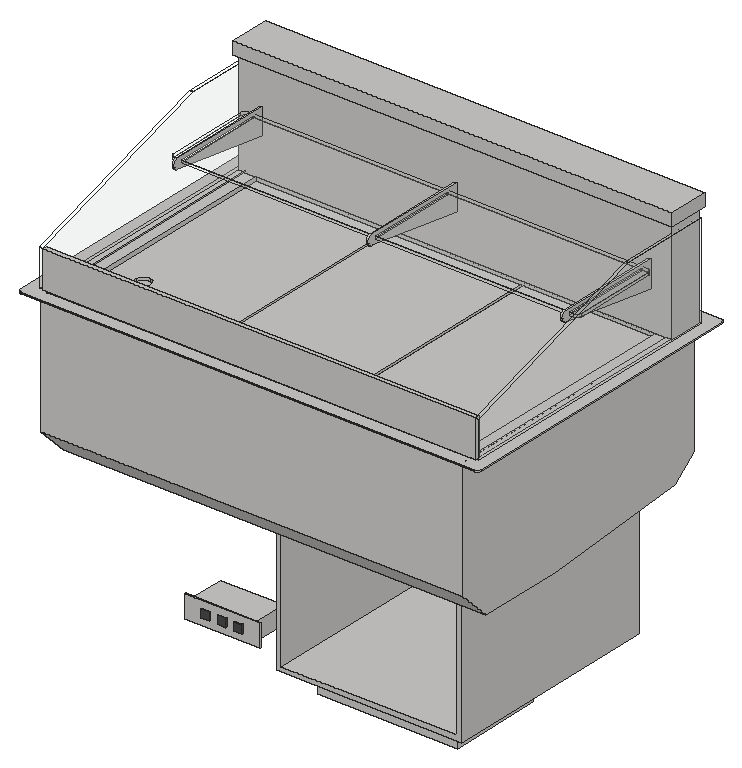
Revit family "QF_ELECTROLUXPROFESSIONAL_341051_D13C3", category Specialty Equipment, Revit 2018
Family settings
  Round Connector Dimension = Use Diameter
  Part Type = Normal
  Work Plane-Based = No
  Always vertical = Yes
  Cut with Voids When Loaded = No
  Shared = No
  Room Calculation Point = No
Parameters (values of type "Standard")
  Weight = 87.00 kg
  Watts = 0 W
  Volts = 220 V
  URL Manufacturer = "http://professional.electrolux.com"
  URL = "http://professional.electrolux.com"
  Steam Supply Size = 0 mm
  Steam Supply Minimum Pressure = 0.0 Pa
  Steam Supply Maximum Pressure = 0.0 Pa
  Steam Pounds per Hour = 0
  Show Clearance [instance] = yes
  Remote Electrical Box_Z [instance] = 200.00 mm
  Remote Electrical Box_Y [instance] = 500.00 mm
  Remote Electrical Box_X [instance] = 700.00 mm
  Refrigeration Suction Line Size = 0 mm
  Refrigeration Liquid Line Size = 0 mm
  Refrigerant Compressor Remote = yes
  Manufacturer = "Electrolux Professional"
  Phase = 1
  Model = "D13C3"
  Length Actual = 1120.00 mm  # constant formula
  Item Number = "341051"
  Hot Water Size = 0 mm
  Height Actual = 950.00 mm  # constant formula
  HP = "0 HP"
  Gas Size = 0 mm
  Gas KW = 0
  Gas Input Pressure = 0 W
  Direct Waste Size = 25.4 mm
  Description = "DROP-IN REFRIGERATED WELL, VENTILATED, 1 REF. SHELF AND 1 NEUTRAL SHELF, 3GN"
  Depth Actual = 750.00 mm  # constant formula
  Cycle = 50 Hz
  Controller_Y [instance] = 500.00 mm
  Controller_1Z [instance] = 200.00 mm
  Controller_1X [instance] = 300.00 mm
  Condensate Return Size = 0 mm
  Compressed Air Volume = 0.0 L/s
  Compressed Air Size = 0 mm
  Compressed Air Pressure = 0.0 Pa
  Cold Water Size = 0 mm
  Accessory = yes
Types (2, lengths in mm): name | Volts | URL Manufacturer | URL | Manufacturer | Phase | Model | Item Number | Description | Cycle
  341051.rfa | 0 V | "" | 0.00 | 0.00 | 0 | 0.00 | "" | 0.00 | 0 Hz
  Standard | 220 V | "http://professional.electrolux.com" | "http://professional.electrolux.com" | "Electrolux Professional" | 1 | "D13C3" | "341051" | "DROP-IN REFRIGERATED WELL, VENTILATED, 1 REF. SHELF AND 1 NEUTRAL SHELF, 3GN" | 50 Hz
Reference planes
  plane 1 "Centro (Fronte/Retro)": y = 74.737
  plane 2: z = 0
  plane 3 "BACK": y = 449.737
  plane 4 "FRONT": y = -300.263
  plane 5 "RIGHT": x = 45.731
  plane 6 "LEFT": x = -1074.269
  plane 7: x = -514.269
  plane 8 "TOP": z = 900
  plane 9: y = 417.737
  plane 10: y = -268.263
  plane 11: x = -28.269
  plane 12: x = -1000.269
  plane 13: y = 412.237
  plane 14: y = -269.483
  plane 15: x = -1048.269
  plane 16: x = 19.731
  plane 17: z = 898
  plane 18: x = -529.269
  plane 19: x = -79.269
  plane 20: x = -517.269
  plane 21: x = -91.269
  plane 22: x = -517.269
  plane 23: x = -511.269
  plane 24: x = -1040.269
  plane 25: x = 11.731
  plane 26: y = -229.763
  plane 27: y = 404.237
  plane 28: z = 535.31
  plane 29: z = 220
  plane 30: z = 1041
  plane 31: z = 1049
  plane 32: y = 308.954
  plane 33: y = 83.954
  plane 34: x = -1010.269
  plane 35: x = -18.269
  plane 36: x = -988.269
  plane 37: x = -984.269
  plane 38: x = -44.269
  plane 39: x = -40.269
  plane 40: x = -516.269
  plane 41: x = -512.269
  plane 42: x = -516.269
  plane 43: x = -512.269
  plane 44 "1": y = -109.263
  plane 45: y = -195.263
  plane 46: y = 344.737
  plane 47: x = -774.269
  plane 48: x = -374.269
  plane 49: y = -50.263
  plane 50: y = -50.263
  plane 51: z = 200
  plane 52: z = 200
Forms (mm)
  Extrusion 1, solid, material "QF_Finishes_Stainless Steel"
    sketch origin (0, 0, 900) x (-1, 0, 0) y (0, -1, 0)
      loop
        arc (1064.269, -449.737) -> (1071.34, -446.808) -> (1074.269, -439.737) r 10
        line (1074.269, -439.737) -> (1074.269, 290.263)
        arc (1074.269, 290.263) -> (1071.34, 297.334) -> (1064.269, 300.263) r 10
        line (1064.269, 300.263) -> (-35.731, 300.263)
        arc (-35.731, 300.263) -> (-42.802, 297.334) -> (-45.731, 290.263) r 10
        line (-45.731, 290.263) -> (-45.731, -439.737)
        arc (-45.731, -439.737) -> (-42.802, -446.808) -> (-35.731, -449.737) r 10
        line (-35.731, -449.737) -> (1064.269, -449.737)
      loop
        line (1027.769, -412.237) -> (1027.769, 269.483) -> (0.769, 269.483) -> (0.769, -412.237) -> (1027.769, -412.237)
    from 0 to -2
  Extrusion 2, solid, material "QF_Finishes_Stainless Steel"
    sketch origin (232.311, 802.737, -30) x (0, -1, 0) y (0, 0, -1)
      loop
        line (588.53, -262) -> (468.413, -262) -> (468.413, -542.28) -> (588.53, -542.28) -> (588.53, -262)
    from -749.58 to -323.58
  Extrusion 3, solid, material "QF_Finishes_Stainless Steel"
    sketch origin (244.231, 362.737, 0) x (0, -1, 0) y (0, 0, -1)
      loop
        line (650.5, -605.13) -> (580.68, -535.31) -> (371.981, -535.31) -> (6.32, -567.301) -> (-49.5, -614.14) -> (-49.5, -898) -> (650.5, -898) -> (650.5, -605.13)
    from -1272 to -245
  Extrusion 4, solid, material "QF_Finishes_Stainless Steel"
    sketch origin (231.731, 362.737, 0) x (0, -1, 0) y (0, 0, -1)
      loop
        line (-48.737, -1150.8) -> (32.063, -1150.8) -> (32.063, -898) -> (-48.737, -898) -> (-48.737, -1150.8)
    from -1272 to -220
  Extrusion 5, void
    sketch origin (0, 0, 900) x (-1, 0, 0) y (0, -1, 0)
      loop
        line (1000.269, 205.526) -> (28.269, 205.526) -> (28.269, -330.674) -> (1000.269, -330.674) -> (1000.269, 205.526)
    from 0 to -15
  Extrusion 6, void
    sketch origin (-226.808, -439.547, 900) x (-1, 0, 0) y (0, -1, 0)
      loop
        circle (694.691, -330.284) r 18
    from -15 to -10
  Extrusion 7, solid, material "QF_Finishes_Stainless Steel"
    sketch origin (231.731, 362.737, 0) x (0, -1, 0) y (0, 0, -1)
      loop
        line (41.663, -1182.8) -> (41.663, -1150.8) -> (-58.337, -1150.8) -> (-58.337, -1182.8) -> (41.663, -1182.8)
    from -1280 to -212
  Extrusion 8, solid, material "QF_Finishes_Glass"
    sketch origin (231.731, 362.737, 0) x (0, -1, 0) y (0, 0, -1)
      loop
        line (628.263, -989.8) -> (628.263, -900) -> (-48.737, -900) -> (-48.737, -1130.8) -> (171.263, -1130.8) -> (628.263, -989.8)
    from -212 to -220
  Extrusion 9, solid, material "QF_Finishes_Glass"
    sketch origin (-1260.269, 362.737, 0) x (0, -1, 0) y (0, 0, 1)
      loop
        line (628.263, 989.8) -> (171.263, 1130.8) -> (-48.737, 1130.8) -> (-48.737, 900) -> (628.263, 900) -> (628.263, 989.8)
    from -212 to -220
  Extrusion 10, solid, material "QF_Finishes_Stainless Steel"
    sketch origin (231.731, 362.737, 0) x (0, -1, 0) y (0, 0, -1)
      loop
        line (628.263, -900) -> (618.263, -900) -> (618.263, -989.8) -> (628.263, -989.8) -> (628.263, -900)
    from -1272 to -220
  Extrusion 11, solid, material "QF_Finishes_Stainless Steel"
    sketch origin (231.731, 362.737, 0) x (0, -1, 0) y (0, 0, -1)
      loop
        line (32.063, -1057) -> (288, -1057)
        arc (288, -1057) -> (300, -1045) -> (288, -1033) r 12
        line (288, -1033) -> (32.063, -992.464) -> (32.063, -1057)
      loop
        line (278.825, -1049) -> (278.825, -1041) -> (53.8, -1041) -> (53.8, -1049) -> (278.825, -1049)
    from -276 to -272
  Extrusion 12, solid, material "QF_Finishes_Stainless Steel"
    sketch origin (-392.269, 362.737, 0) x (0, -1, 0) y (0, 0, -1)
      loop
        line (32.063, -1057) -> (288, -1057)
        arc (288, -1057) -> (300, -1045) -> (288, -1033) r 12
        line (288, -1033) -> (32.063, -992.464) -> (32.063, -1057)
      loop
        line (278.825, -1049) -> (278.825, -1041) -> (53.8, -1041) -> (53.8, -1049) -> (278.825, -1049)
    from -596 to -592
  Extrusion 13, solid, material "QF_Finishes_Glass"
    sketch origin (0, 0, 0) x (-1, 0, 0) y (0, -1, 0)
      loop
        line (1010.269, -298.965) -> (1010.269, -93.97)
        arc (1010.269, -93.97) -> (1007.323, -86.858) -> (1000.21, -83.912) r 10.058
        line (1000.21, -83.912) -> (28.269, -83.954)
        arc (28.269, -83.954) -> (21.198, -86.883) -> (18.269, -93.954) r 10
        line (18.269, -93.954) -> (18.269, -298.954)
        arc (18.269, -298.954) -> (20.997, -305.819) -> (27.694, -308.938) r 10
        line (27.694, -308.938) -> (1000.296, -308.938)
        arc (1000.296, -308.938) -> (1007.348, -306.017) -> (1010.269, -298.965) r 9.972
    from 1041 to 1049
  Extrusion 14, solid, material "QF_Finishes_Stainless Steel"
    sketch origin (79.731, 362.737, 0) x (0, -1, 0) y (0, 0, -1)
      loop
        line (32.063, -1057) -> (288, -1057)
        arc (288, -1057) -> (300, -1045) -> (288, -1033) r 12
        line (288, -1033) -> (32.063, -992.464) -> (32.063, -1057)
      loop
        line (278.825, -1049) -> (278.825, -1041) -> (53.8, -1041) -> (53.8, -1049) -> (278.825, -1049)
    from -596 to -592
  Extrusion 15, solid, material "QF_Finishes_Stainless Steel"
    sketch origin (0, -25.263, 900) x (-1, 0, 0) y (0, -1, 0)
      loop
        line (681.489, -354.737) -> (1000.269, -354.737) -> (1000.269, 180.263) -> (681.489, 180.263) -> (681.489, -354.737)
    from -15 to -10
  Extrusion 16, solid, material "QF_Finishes_Stainless Steel"
    sketch origin (-1251.802, -25.263, 900) x (1, 0, 0) y (0, 1, 0)
      loop
        line (903.534, 354.737) -> (903.534, -180.263) -> (1223.534, -180.263) -> (1223.534, 354.737) -> (903.534, 354.737)
    from -15 to -10
  Extrusion 17, solid, material "QF_Finishes_Stainless Steel"
    sketch origin (129.858, -25.263, 900) x (-1, 0, 0) y (0, -1, 0)
      loop
        line (485.347, -354.737) -> (805.347, -354.737) -> (805.347, 180.263) -> (485.347, 180.263) -> (485.347, -354.737)
    from -15 to -10
  Sweep 18, solid, material "QF_Finishes_Stainless Steel"
    path origin (0, -109.263, 0) x (-1, 0, 0) y (0, 0, 1)
      loop
        line (921.499, 535.31) -> (921.499, 505) -> (978.269, 505)
    profile origin (-921.499, -109.263, 520.155) x (0, 1, 0) y (-1, 0, 0)
      loop
        circle (0, 0) r 18
  Extrusion 19, solid, material "QF_Finishes_Stainless Steel"
    sketch origin (0, 74.737, 0) x (1, 0, 0) y (0, 0, 1)
      loop
        line (-79.269, 535.31) -> (-91.269, 535.31) -> (-91.269, 232) -> (-517.269, 232) -> (-517.269, 535.31) -> (-529.269, 535.31) -> (-529.269, 220) -> (-79.269, 220) -> (-79.269, 535.31)
    from -270 to 270
Cuts and joins
  Extrusion 5 cuts Extrusion 4
  Extrusion 5 cuts Extrusion 3
  Extrusion 6 cuts Extrusion 16
  Extrusion 6 cuts Extrusion 15
Lines and regions (mm)
  symbolic lines
    curve 1: line (35.731, 449.737, 900) -> (-1064.269, 449.737, 900)
    curve 2: arc (-1064.269, 449.737, 900) -> (-1071.34, 446.808, 900) -> (-1074.269, 439.737, 900) r 10
    curve 3: line (-1074.269, 439.737, 900) -> (-1074.269, -290.263, 900)
    curve 4: arc (-1074.269, -290.263, 900) -> (-1071.34, -297.334, 900) -> (-1064.269, -300.263, 900) r 10
    curve 5: line (-1064.269, -300.263, 900) -> (35.731, -300.263, 900)
    curve 6: arc (35.731, -300.263, 900) -> (42.802, -297.334, 900) -> (45.731, -290.263, 900) r 10
    curve 7: line (45.731, -290.263, 900) -> (45.731, 439.737, 900)
    curve 8: arc (45.731, 439.737, 900) -> (42.802, 446.808, 900) -> (35.731, 449.737, 900) r 10
    curve 9: line (19.731, 421.074, 900) -> (19.731, -269.483, 900)
    curve 10: line (19.731, -269.483, 900) -> (-1048.269, -269.483, 900)
    curve 11: line (-1048.269, -269.483, 900) -> (-1048.269, 421.074, 900)
    curve 12: line (19.731, 421.074, 900) -> (-1048.269, 421.074, 900)
    curve 13: line (-1048.269, 321.074, 900) -> (19.731, 321.074, 900)
    curve 14: line (11.731, -205.526, 900) -> (-1040.269, -205.526, 900)
    curve 15: line (11.731, -255.526, 900) -> (-1040.269, -255.526, 900)
    curve 16: line (-1048.269, -265.526, 900) -> (19.731, -265.526, 900)
    curve 17: line (-681.489, -205.526, 900) -> (-681.489, 84.474, 900)
    curve 18: line (-675.489, 84.474, 900) -> (-675.489, -205.526, 900)
    curve 19: line (-1040.269, 321.074, 900) -> (-1040.269, -265.526, 900)
    curve 20: line (11.731, -265.526, 900) -> (11.731, 321.074, 900)
    curve 21: line (-988.269, 321.074, 900) -> (-988.269, 62.737, 900)
    curve 22: line (-984.269, 321.074, 900) -> (-984.269, 62.737, 900)
    curve 23: line (-988.269, 62.737, 900) -> (-984.269, 62.737, 900)
    curve 24: line (-44.269, 321.074, 900) -> (-44.269, 62.737, 900)
    curve 25: line (-44.269, 62.737, 900) -> (-40.269, 62.737, 900)
    curve 26: line (-40.269, 62.737, 900) -> (-40.269, 321.074, 900)
    curve 27: line (-44.269, 308.938, 900) -> (-512.269, 308.938, 900)
    curve 28: line (-516.269, 321.074, 900) -> (-516.269, 62.737, 900)
    curve 29: line (-512.269, 321.074, 900) -> (-512.269, 62.737, 900)
    curve 30: line (-516.269, 62.737, 900) -> (-512.269, 62.737, 900)
    curve 31: line (-516.269, 321.074, 900) -> (-516.269, 62.737, 900)
    curve 32: line (-512.269, 321.074, 900) -> (-512.269, 62.737, 900)
    curve 33: line (-516.269, 62.737, 900) -> (-512.269, 62.737, 900)
    curve 34: line (-1010.269, 298.965, 900) -> (-1010.269, 93.97, 900)
    curve 35: arc (-1000.296, 308.938, 900) -> (-1007.348, 306.017, 900) -> (-1010.269, 298.965, 900) r 9.972
    curve 36: arc (-1010.269, 93.97, 900) -> (-1007.343, 86.879, 900) -> (-1000.269, 83.912, 900) r 10.058
    curve 37: arc (-28.269, 83.954, 900) -> (-21.198, 86.883, 900) -> (-18.269, 93.954, 900) r 10
    curve 38: line (-18.269, 93.954, 900) -> (-18.269, 298.954, 900)
    curve 39: arc (-18.269, 298.954, 900) -> (-21.198, 306.025, 900) -> (-28.269, 308.954, 900) r 10
    curve 40: line (-1000.269, -205.526, 900) -> (-1000.269, 83.912, 900)
    curve 41: line (-1000.296, 308.938, 900) -> (-1000.296, 321.074, 900)
    curve 42: line (-28.269, -205.526, 900) -> (-28.269, 83.954, 900)
    curve 43: line (-28.269, 308.954, 900) -> (-28.269, 321.074, 900)
    curve 44: line (-1000.269, 83.912, 900) -> (-988.269, 83.912, 900)
    curve 45: line (-984.269, 83.912, 900) -> (-516.269, 83.912, 900)
    curve 46: line (-512.269, 83.912, 900) -> (-44.269, 83.912, 900)
    curve 47: line (-40.269, 83.912, 900) -> (-28.269, 83.954, 900)
    curve 48: line (-516.269, 308.938, 900) -> (-984.269, 308.938, 900)
    curve 49: line (-355.489, -205.526, 900) -> (-355.489, 84.474, 900)
    curve 50: line (-348.269, 84.474, 900) -> (-348.269, -205.526, 900)
    curve 51: line (-988.269, 308.938, 900) -> (-1000.296, 308.938, 900)
    curve 52: line (-40.269, 308.938, 900) -> (-28.269, 308.938, 900)
    curve 53: line (-131.004, 308.938, 900) -> (-131.004, 321.074, 900)
    curve 54: line (-125.004, 308.938, 900) -> (-125.004, 321.074, 900)
    curve 55: line (-483.534, 321.074, 900) -> (-483.534, 308.938, 900)
    curve 56: line (-477.534, 321.074, 900) -> (-477.534, 308.938, 900)
    curve 65: arc (-903.499, -109.263, 900) -> (-921.499, -91.263, 900) -> (-939.499, -109.263, 900) r 18
    curve 66: arc (-939.499, -109.263, 900) -> (-921.499, -127.263, 900) -> (-903.499, -109.263, 900) r 18
  symbolic lines, style "SpecialityEquipmentHiddenLines"
    curve 57: line (-529.269, 344.737, 900) -> (-79.269, 344.737, 900)
    curve 58: line (-529.269, -195.263, 900) -> (-529.269, 344.737, 900)
    curve 59: line (-79.269, -195.263, 900) -> (-529.269, -195.263, 900)
    curve 60: line (-79.269, 344.737, 900) -> (-79.269, -195.263, 900)
    curve 61: line (-1027.769, 412.237, 900) -> (-1027.769, -287.763, 900)
    curve 62: line (-1027.769, -287.763, 900) -> (-0.769, -287.763, 900)
    curve 63: line (-0.769, -287.763, 900) -> (-0.769, 412.237, 900)
    curve 64: line (-0.769, 412.237, 900) -> (-1027.769, 412.237, 900)
Dimensions and locks
  plane 6 "LEFT" to plane 5 "RIGHT" = 1120.00 mm
  equal spacing: plane 3 "BACK", plane 1 "Centro (Fronte/Retro)", plane 4 "FRONT"
  plane 3 "BACK" to plane 4 "FRONT" = 750.00 mm
  equal spacing: plane 6 "LEFT", plane 7, plane 5 "RIGHT"
  locked: plane 8 "TOP" to plane 2 at 900
  locked: plane 6 "LEFT" to plane 12 at 74
  locked: plane 11 to plane 5 "RIGHT" at 74
  locked: plane 3 "BACK" to plane 9 at 32
  locked: plane 10 to plane 4 "FRONT" at 32
  locked: plane 3 "BACK" to plane 13 at 37.5
  locked: plane 14 to plane 4 "FRONT" at 30.78
  locked: plane 6 "LEFT" to plane 15 at 26
  locked: plane 16 to plane 5 "RIGHT" at 26
  locked: plane 8 "TOP" to plane 17 at 2
  plane 19 to plane 18 = 450.00 mm
  locked: plane 20 to plane 18 at 12
  locked: plane 19 to plane 21 at 12
  locked: plane 22 to plane 23 at 6
  locked: plane 15 to plane 24 at 8
  locked: plane 25 to plane 16 at 8
  plane 19 to plane 7 to plane 18 = 435.00 mm, 15.00 mm
  plane 8 "TOP" to plane 28 = 364.69 mm
  plane 8 "TOP" to plane 29 = 680.00 mm
  plane 30 to plane 8 "TOP" = 141.00 mm
  locked: plane 31 to plane 30 at 8
  plane 34 to plane 35 = 992.00 mm
  equal spacing: plane 34, plane 7, plane 35
  plane 24 to plane 34 = 30.00 mm
  plane 35 to plane 25 = 30.00 mm
  locked: plane 36 to plane 37 at 4
  locked: plane 40 to plane 41 at 4
  locked: plane 38 to plane 39 at 4
  locked: plane 42 to plane 43 at 4
  plane 5 "RIGHT" to plane 19 to plane 18 = 125.00 mm, 450.00 mm
  equal spacing: plane 45, plane 1 "Centro (Fronte/Retro)", plane 46
  plane 45 to plane 46 = 540.00 mm
  cut or joined group of Extrusion 3, Extrusion 5 to cut or joined group of Extrusion 3, Extrusion 5 = 1027.00 mm
  "Controller_Y": plane 3 "BACK" to plane 50
  "Remote Electrical Box_Y": plane 3 "BACK" to plane 49
  "Controller_1X": plane 6 "LEFT" to plane 47
  "Remote Electrical Box_X": plane 6 "LEFT" to plane 48
  "Controller_1Z": plane 51 to plane 2
  "Remote Electrical Box_Z": plane 52 to plane 2
  aligned and locked: level to plane 2
  aligned and locked: Extrusion 1 sketch curve to plane 3 "BACK"
  aligned and locked: plane 6 "LEFT" to Extrusion 1 sketch curve
  aligned and locked: plane 4 "FRONT" to Extrusion 1 sketch curve
  aligned and locked: Extrusion 1 sketch curve to plane 5 "RIGHT"
  aligned and locked: Extrusion 1 sketch curve to plane 13
  aligned and locked: Extrusion 1 sketch curve to plane 14
  aligned and locked: Extrusion 2 to plane 20
  aligned and locked: Extrusion 2 to plane 21
  aligned and locked: Extrusion 5 sketch curve to cut or joined group of Extrusion 4, Extrusion 5
  aligned and locked: Extrusion 8 to plane 25
  aligned and locked: Extrusion 5 sketch curve to plane 12
  aligned and locked: plane 11 to Extrusion 5 sketch curve
  aligned and locked: plane 24 to Extrusion 9
  aligned and locked: Extrusion 4 to plane 24
  aligned and locked: plane 25 to Extrusion 4
  aligned and locked: Extrusion 10 to plane 24
  aligned and locked: plane 25 to Extrusion 10
  aligned and locked: Extrusion 13 sketch curve to plane 34
  aligned and locked: Extrusion 13 sketch curve to plane 35
  aligned and locked: plane 31 to Extrusion 13
  aligned and locked: Extrusion 13 to plane 30
  aligned and locked: Extrusion 12 to plane 36
  aligned and locked: plane 39 to Extrusion 11
  aligned and locked: Extrusion 11 to plane 38
  aligned and locked: plane 37 to Extrusion 12
  aligned and locked: Extrusion 14 to plane 42
  aligned and locked: plane 43 to Extrusion 14
  aligned and locked: plane 47 to nested 1
  aligned and locked: plane 48 to nested 2
  aligned and locked: plane 49 to nested 2
  aligned and locked: plane 50 to nested 1
  aligned and locked: plane 52 to nested 2
  aligned and locked: nested 1 to plane 51
Automatic sketch dimensions
  Extrusion 1 sketch curve to plane 5 "RIGHT" = 10.00 mm
  Extrusion 1 sketch curve to plane 3 "BACK" = 10.00 mm  (x2)
  Extrusion 1 sketch curve to Extrusion 1 sketch curve = 10.00 mm
  Extrusion 6 sketch curve to plane 5 "RIGHT" = 967.23 mm
  plane 26 to Extrusion 6 sketch curve = 120.50 mm
  Extrusion 13 sketch curve to plane 11 = 0.00 mm  (x2)
  plane 33 to Extrusion 13 sketch curve = 0.00 mm
  Extrusion 13 sketch curve to plane 32 = 0.017 mm
  plane 11 to Extrusion 13 sketch curve = 0.574 mm
  plane 12 to Extrusion 13 sketch curve = 0.058 mm  (x2)
  Extrusion 13 sketch curve to plane 12 = 0.028 mm
  plane 33 to Extrusion 13 sketch curve = 10.016 mm
  plane 29 to Extrusion 2 sketch curve = 12.00 mm
  plane 26 to Extrusion 2 sketch curve = 564.087 mm
  plane 26 to Extrusion 2 sketch curve = 443.97 mm
  Extrusion 2 sketch curve to plane 28 = 23.03 mm
  Extrusion 3 sketch curve to plane 28 = 0.00 mm
  plane 13 to Extrusion 3 sketch curve = 0.00 mm
  plane 32 to Extrusion 3 sketch curve = 47.463 mm
  plane 1 "Centro (Fronte/Retro)" to Extrusion 3 sketch curve = 83.981 mm
  plane 26 to Extrusion 3 sketch curve = 11.82 mm
  plane 4 "FRONT" to Extrusion 3 sketch curve = 12.50 mm
  plane 28 to Extrusion 3 sketch curve = 78.83 mm
  plane 28 to Extrusion 3 sketch curve = 69.82 mm
  plane 28 to Extrusion 3 sketch curve = 31.991 mm
  Extrusion 4 sketch curve to plane 17 = 0.00 mm
  Extrusion 4 sketch curve to plane 13 = 0.763 mm
  plane 32 to Extrusion 4 sketch curve = 21.72 mm
  plane 31 to Extrusion 4 sketch curve = 101.80 mm
  plane 26 to Extrusion 5 sketch curve = 24.237 mm
  plane 9 to Extrusion 7 sketch curve = 3.337 mm
  plane 32 to Extrusion 7 sketch curve = 12.12 mm
  plane 31 to Extrusion 7 sketch curve = 133.80 mm
  Extrusion 7 sketch curve to Extrusion 7 sketch curve = 32.00 mm
  Extrusion 8 sketch curve to plane 8 "TOP" = 0.00 mm
  Extrusion 8 sketch curve to plane 13 = 0.763 mm
  plane 33 to Extrusion 8 sketch curve = 107.52 mm
  plane 10 to Extrusion 8 sketch curve = 2.737 mm
  Extrusion 8 sketch curve to plane 30 = 51.20 mm
  plane 31 to Extrusion 8 sketch curve = 81.80 mm
  Extrusion 9 sketch curve to plane 8 "TOP" = 0.00 mm
  Extrusion 9 sketch curve to plane 13 = 0.763 mm
  plane 33 to Extrusion 9 sketch curve = 107.52 mm
  plane 10 to Extrusion 9 sketch curve = 2.737 mm
  Extrusion 9 sketch curve to plane 30 = 51.20 mm
  plane 31 to Extrusion 9 sketch curve = 81.80 mm
  Extrusion 10 sketch curve to plane 8 "TOP" = 0.00 mm
  plane 10 to Extrusion 10 sketch curve = 12.737 mm
  plane 10 to Extrusion 10 sketch curve = 2.737 mm
  Extrusion 10 sketch curve to plane 30 = 51.20 mm
  Extrusion 11 sketch curve to plane 30 = 0.00 mm
  Extrusion 11 sketch curve to plane 31 = 0.00 mm
  Extrusion 11 sketch curve to plane 1 "Centro (Fronte/Retro)" = 0.00 mm
  Extrusion 11 sketch curve to plane 33 = 0.042 mm
  Extrusion 11 sketch curve to plane 32 = 0.017 mm
  plane 31 to Extrusion 11 sketch curve = 8.00 mm
  plane 32 to Extrusion 11 sketch curve = 21.72 mm
  plane 30 to Extrusion 11 sketch curve = 4.00 mm
  Extrusion 11 sketch curve to plane 30 = 48.536 mm
  Extrusion 12 sketch curve to plane 30 = 0.00 mm
  Extrusion 12 sketch curve to plane 31 = 0.00 mm
  Extrusion 12 sketch curve to plane 1 "Centro (Fronte/Retro)" = 0.00 mm
  Extrusion 12 sketch curve to plane 33 = 0.042 mm
  Extrusion 12 sketch curve to plane 32 = 0.017 mm
  plane 31 to Extrusion 12 sketch curve = 8.00 mm
  plane 32 to Extrusion 12 sketch curve = 21.72 mm
  plane 30 to Extrusion 12 sketch curve = 4.00 mm
  Extrusion 12 sketch curve to plane 30 = 48.536 mm
  Extrusion 14 sketch curve to plane 30 = 0.00 mm
  Extrusion 14 sketch curve to plane 31 = 0.00 mm
  Extrusion 14 sketch curve to plane 1 "Centro (Fronte/Retro)" = 0.00 mm
  Extrusion 14 sketch curve to plane 33 = 0.042 mm
  Extrusion 14 sketch curve to plane 32 = 0.017 mm
  plane 31 to Extrusion 14 sketch curve = 8.00 mm
  plane 32 to Extrusion 14 sketch curve = 21.72 mm
  plane 30 to Extrusion 14 sketch curve = 4.00 mm
  Extrusion 14 sketch curve to plane 30 = 48.536 mm
  Extrusion 15 sketch curve to plane 20 = 164.22 mm
  Extrusion 15 sketch curve to plane 12 = 0.00 mm
  plane 32 to Extrusion 15 sketch curve = 20.52 mm
  plane 26 to Extrusion 15 sketch curve = 24.237 mm
  Extrusion 16 sketch curve to plane 11 = 0.00 mm
  plane 21 to Extrusion 16 sketch curve = 257.00 mm
  Extrusion 16 sketch curve to plane 32 = 20.52 mm
  Extrusion 16 sketch curve to plane 26 = 24.237 mm
  Extrusion 17 sketch curve to plane 21 = 264.22 mm
  Extrusion 17 sketch curve to plane 20 = 158.22 mm
  plane 32 to Extrusion 17 sketch curve = 20.52 mm
  plane 26 to Extrusion 17 sketch curve = 24.237 mm
  Sweep 18 sketch curve to plane 28 = 0.00 mm
  plane 34 to Sweep 18 sketch curve = 32.00 mm
  plane 37 to Sweep 18 sketch curve = 62.77 mm
  Sweep 18 sketch curve to plane 28 = 30.31 mm
  Sweep 18 sketch curve to plane 44 "1" = 0.00 mm
  Sweep 18 sketch curve to profile plane = 0.00 mm
  Extrusion 19 sketch curve to plane 18 = 0.00 mm
  Extrusion 19 sketch curve to plane 20 = 0.00 mm
  Extrusion 19 sketch curve to plane 21 = 0.00 mm
  Extrusion 19 sketch curve to plane 19 = 0.00 mm
  Extrusion 19 sketch curve to plane 29 = 0.00 mm
  Extrusion 19 sketch curve to plane 28 = 0.00 mm  (x2)
  plane 29 to Extrusion 19 sketch curve = 12.00 mm
  Extrusion 3 sketch curve to plane 17 = 0.00 mm
  plane 15 to Extrusion 1 sketch curve = 20.50 mm
  Extrusion 1 sketch curve to plane 16 = 20.50 mm
  curve 6 to plane 5 "RIGHT" = 0.00 mm
  curve 1 to plane 3 "BACK" = 0.00 mm
  curve 6 to plane 4 "FRONT" = 0.00 mm
  curve 16 to plane 16 = 0.00 mm
  curve 14 to plane 25 = 0.00 mm
  curve 38 to plane 35 = 0.00 mm
  curve 43 to plane 11 = 0.00 mm
  curve 42 to plane 11 = 0.00 mm
  curve 52 to plane 11 = 0.00 mm
  curve 26 to plane 39 = 0.00 mm
  curve 60 to plane 19 = 0.00 mm
  curve 29 to plane 41 = 0.00 mm
  curve 33 to plane 40 = 0.00 mm
  curve 59 to plane 18 = 0.00 mm
  curve 23 to plane 36 = 0.00 mm
  curve 44 to plane 12 = 0.00 mm
  curve 34 to plane 34 = 0.00 mm
  curve 19 to plane 24 = 0.00 mm
  curve 12 to plane 15 = 0.00 mm
  curve 3 to plane 6 "LEFT" = 0.00 mm
  curve 60 to plane 46 = 0.00 mm
  plane 32 to curve 39 = 0.00 mm
  plane 33 to curve 42 = 0.00 mm
  curve 59 to plane 45 = 0.00 mm
  curve 11 to plane 14 = 0.00 mm
  curve 8 to plane 3 "BACK" = 10.00 mm
  plane 4 "FRONT" to curve 6 = 10.00 mm
  plane 13 to curve 63 = 0.00 mm
  curve 63 to plane 25 = 12.50 mm
  curve 24 to plane 38 = 0.00 mm
  plane 41 to curve 32 = 0.00 mm
  plane 37 to curve 22 = 0.00 mm
  plane 12 to curve 36 = 0.058 mm
  curve 35 to plane 12 = 0.028 mm
  plane 24 to curve 61 = 12.50 mm
  plane 6 "LEFT" to curve 5 = 10.00 mm
  plane 6 "LEFT" to curve 1 = 10.00 mm
  plane 9 to curve 12 = 3.337 mm
  curve 41 to plane 32 = 0.017 mm
  plane 33 to curve 36 = 10.016 mm
  plane 1 "Centro (Fronte/Retro)" to curve 33 = 12.00 mm
  plane 1 "Centro (Fronte/Retro)" to curve 26 = 12.00 mm
  plane 1 "Centro (Fronte/Retro)" to curve 23 = 12.00 mm
  plane 4 "FRONT" to curve 61 = 12.50 mm
  curve 54 to plane 32 = 0.017 mm
  curve 54 to plane 21 = 33.735 mm
  curve 54 to curve 53 = 6.00 mm
  plane 33 to curve 50 = 0.52 mm
  plane 23 to curve 50 = 163.00 mm
  plane 33 to curve 49 = 0.52 mm
  curve 50 to curve 49 = 7.22 mm
  curve 56 to plane 32 = 0.017 mm
  plane 23 to curve 56 = 33.735 mm
  curve 56 to curve 55 = 6.00 mm
  curve 18 to plane 45 = 10.263 mm
  curve 18 to plane 18 = 146.22 mm
  curve 18 to curve 17 = 6.00 mm
  plane 32 to curve 19 = 12.12 mm
  curve 52 to plane 32 = 0.017 mm
  plane 33 to curve 18 = 0.52 mm
  plane 33 to curve 17 = 0.52 mm
  curve 45 to plane 33 = 0.042 mm
  curve 46 to plane 33 = 0.042 mm
  curve 47 to plane 33 = 0.042 mm
  plane 10 to curve 15 = 12.737 mm
  plane 10 to curve 19 = 2.737 mm
  curve 65 to curve 66 = 0.00 mm  (x2)
  curve 65 to plane 44 "1" = 0.00 mm
  plane 37 to curve 66 = 62.77 mm
  curve 65 to curve 65 = 18.00 mm
  radius of Extrusion 6 sketch curve = 18.00 mm
  radius of Sweep 18 sketch curve = 18.00 mm
Nested families
  nested 1: "Controller" at (-774.269, -50.263, 200), type "Controller"
  nested 2: "Remote_Electrical_Box" at (-374.269, 64.737, 100), type "Remote_Electrical_Box"
  nested 3: "Refrigerator" at (-134.269, -110.263, 900), type "Refrigerator"
Connectors
  piping at (-978.269, -109.263, 505), diameter 36
    settings: on Sweep 18, index 1, connector inside diameter 609.6 mm, connector length 0.00 mm, flow factor 0, pipe flow 0.0 L/s, pressure drop 0.0 Pa, fitting loss kfactor 0, connector angle 0.00°, fixture units 0, engagement length 0.00 mm, angle of deflection 0.00°, flow configuration 1, flow direction 1, fitting loss method 0, system type 16, joint type 0, gender type 0, connector reference index -1, connector utility 0, adjustable connector no, is connector primary yes, connector description "Drain"
  electrical at (-504.269, -77.263, 149.381)
    settings: on nested 2, index 2, voltage 0 V, apparent load 0 VA, apparent load phase1 0 VA, apparent load phase2 0 VA, apparent load phase3 0 VA, power factor 1, load classification "Altro", number of poles 1, system type 14, power factor state 1, is connector primary yes, connector utility no, sub classification motor no, connector description ""
Definition of nested family "Controller"
  Reference planes
    plane 1 "Center (Front/Back)": y = 0
    plane 2: z = 0
    plane 3 "Center (Left/Right)": x = 0
  Forms (mm)
    Extrusion 1, solid
      sketch origin (0, 44.769, -48.2) x (1, 0, 0) y (0, 1, 0)
        loop
          line (-76, 43.231) -> (-76, -47.65) -> (76, -47.65) -> (76, 43.231) -> (-76, 43.231)
      from 6.2 to 48.2
    Extrusion 2, solid
      sketch origin (0, 44.769, -48.2) x (1, 0, 0) y (0, 0, 1)
        loop
          line (-92.25, 54.4) -> (-92.25, 0) -> (92.25, 0) -> (92.25, 54.4) -> (-92.25, 54.4)
        loop
          line (-76, 48.2) -> (-76, 6.2) -> (76, 6.2) -> (76, 48.2) -> (-76, 48.2)
      from 44.769 to 47.65
    Extrusion 3, solid
      sketch origin (76, -2.881, -48.2) x (-1, 0, 0) y (0, 0, -1)
        loop
          line (106, -37.2) -> (126, -37.2) -> (126, -17.2) -> (106, -17.2) -> (106, -37.2)
        loop
          line (66, -37.2) -> (86, -37.2) -> (86, -17.2) -> (66, -17.2) -> (66, -37.2)
        loop
          line (26, -37.2) -> (46, -37.2) -> (46, -17.2) -> (26, -17.2) -> (26, -37.2)
      from 0 to 2
    Extrusion 4, void
      sketch origin (0, 0, 0) x (1, 0, 0) y (0, 1, 0)
        loop
          line (76, 88) -> (-76, 88) -> (-76, 0) -> (76, 0) -> (76, 88)
      from 0 to -42
  Cuts and joins
    Extrusion 4 cuts Extrusion 2
    joined: Extrusion 1, Extrusion 2
  Lines and regions (mm)
    symbolic lines
      curve 1: line (-76, 88, 0) -> (-76, 0, 0)
      curve 2: line (76, 88, 0) -> (-76, 88, 0)
      curve 3: line (76, 0, 0) -> (76, 88, 0)
      curve 4: line (-92.25, -2.881, 0) -> (92.25, -2.881, 0)
      curve 5: line (-92.25, 0, 0) -> (-92.25, -2.881, 0)
      curve 6: line (92.25, 0, 0) -> (-92.25, 0, 0)
      curve 7: line (92.25, -2.881, 0) -> (92.25, 0, 0)
  Dimensions and locks
    aligned and locked: level to plane 2
Definition of nested family "Remote_Electrical_Box"
  Parameters (values of type "Remote_Electrical_Box")
    Default Elevation = 1219.20 mm
  Reference planes
    plane 1 "Center (Front/Back)": y = 0
    plane 2: z = 0
    plane 3 "Center (Left/Right)": x = 0
    plane 4: x = -170
    plane 5: x = 170
    plane 6: y = 115
    plane 7: y = -115
    plane 8: z = 100
    plane 9: z = 50
  Forms (mm)
    Extrusion 1, solid
      sketch origin (0, 0, 0) x (1, 0, 0) y (0, 1, 0)
        loop
          line (-170, 115) -> (-170, -115) -> (170, -115) -> (170, 115) -> (-170, 115)
      from 0 to 100
    Extrusion 2, solid
      sketch origin (0, 0, 0) x (1, 0, 0) y (0, 0, 1)
        loop
          circle (-130, 49.381) r 13
      from 115 to 142
  Lines and regions (mm)
    symbolic lines
      curve 1: line (-170, 115, 0) -> (170, 115, 0)
      curve 2: line (-170, -115, 0) -> (-170, 115, 0)
      curve 3: line (170, -115, 0) -> (-170, -115, 0)
      curve 4: line (170, 115, 0) -> (170, -115, 0)
      curve 5: line (-143, -142, 0) -> (-117, -142, 0)
      curve 6: line (-143, -142, 0) -> (-143, -115, 0)
      curve 7: line (-117, -142, 0) -> (-117, -115, 0)
  Dimensions and locks
    equal spacing: plane 4, plane 3 "Center (Left/Right)", plane 5
    equal spacing: plane 6, plane 1 "Center (Front/Back)", plane 7
    plane 4 to plane 5 = 340.00 mm
    plane 6 to plane 7 = 230.00 mm
    Extrusion 1 to Extrusion 2 sketch curve = 40.00 mm
    equal spacing: plane 8, plane 9, plane 2
    aligned and locked: level to plane 2
    aligned and locked: Extrusion 1 sketch curve to plane 6
    aligned and locked: plane 4 to Extrusion 1 sketch curve
    aligned and locked: plane 7 to Extrusion 1 sketch curve
    aligned and locked: Extrusion 1 sketch curve to plane 5
    aligned and locked: plane 7 to Extrusion 2
    aligned and locked: plane 8 to Extrusion 1
  Automatic sketch dimensions
    level to Extrusion 2 sketch curve = 49.381 mm
    curve 3 to plane 4 = 0.00 mm
    curve 7 to plane 7 = 0.00 mm
    curve 3 to plane 5 = 0.00 mm
    curve 2 to plane 6 = 0.00 mm
    plane 4 to curve 6 = 27.00 mm
    curve 5 to curve 6 = 27.00 mm
    curve 6 to curve 7 = 26.00 mm
    radius of Extrusion 2 sketch curve = 13.00 mm
Definition of nested family "Refrigerator"
  Reference planes
    plane 1 "Center (Front/Back)": y = 0
    plane 2: z = 0
    plane 3 "Center (Left/Right)": x = 0
  Lines and regions (mm)
    detail lines, in view "Ref. Level"
      curve 1: line (0, -60, 0) -> (0, 60, 0)
      curve 2: line (-51.962, 30, 0) -> (51.962, -30, 0)
      curve 3: line (-51.962, -30, 0) -> (51.962, 30, 0)
      curve 4: line (19.116, 56.873, 0) -> (0, 35, 0)
      curve 5: line (0, 35, 0) -> (-19.116, 56.873, 0)
      curve 6: line (-30.311, 17.5, 0) -> (-40, 45.883, 0)
      curve 7: line (-59.736, 11.7, 0) -> (-30.311, 17.5, 0)
      curve 8: line (-30.311, -17.5, 0) -> (-59.736, -11.7, 0)
      curve 9: line (-40, -45.883, 0) -> (-30.311, -17.5, 0)
      curve 10: line (0, -35, 0) -> (-19.116, -56.873, 0)
      curve 11: line (19.116, -56.873, 0) -> (0, -35, 0)
      curve 12: line (30.311, -17.5, 0) -> (39.696, -44.992, 0)
      curve 13: line (58.812, -11.882, 0) -> (30.311, -17.5, 0)
      curve 14: line (30.311, 17.5, 0) -> (58.812, 11.882, 0)
      curve 15: line (39.696, 44.992, 0) -> (30.311, 17.5, 0)
